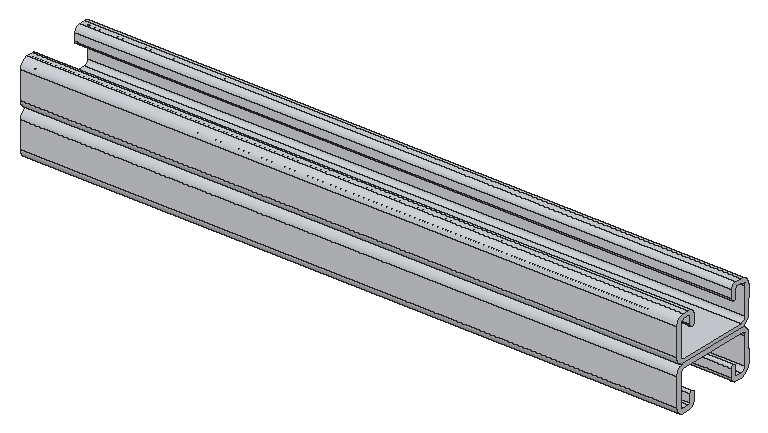
Revit family "P4101", category Specialty Equipment, Revit 2012
Parameters (values of type "P4101")
  ecoScorecard_data = ""
  ecoScorecard Product Page = ""
  Weight Per Foot = 1.97 lbf/ft
  Unit = none
  URL = "http://unistrut.us/index.php"
  Subcategory = "1 5/8\" Channels"
  Product Page URL = "http://unistrut.us/index.php?WP=cat_detail&S=S02&P=P4101"
  Power Strut Part Number = "PS 200 KO6"  # constant formula
  Part Type = "Channel"  # constant formula
  Part Number = ""
  Overall Width = 1 5/8"
  Overall Height = 1 5/8"  # constant formula
  Model = "P4101"  # constant formula
  Material = "Multiple Options - See Catalog"
  Manufacturer Toll Free Phone = "800-882-5543"  # constant formula
  Manufacturer Phone = "708-339-1610"  # constant formula
  Manufacturer Fax = "708-339-7814"  # constant formula
  Manufacturer Email = "mailto:jshaw@atkore.com"
  Manufacturer Address = "16100 South Lathrop Avenue, Harvey, IL 60426"  # constant formula
  Manufacturer = "Unistrut by Atkore International"  # constant formula
  Load Capacity Note = "Visit the product page for load application and capacity."  # constant formula
  Literature URL = "http://unistrut.us/index.php?WP=LItLibrary"
  Length [instance] = 12"
  Hole Spacing On Center Dimension = 6"
  Hole Spacing From End Dimension = 7/8"
  Gauge Thickness = "14 Gauge (.075\")"
  Description = "P4101 Channel"
  Cost Info = "mailto:questions@atkore.com"
  Construction Note = "Not Applicable"
  Category = "Specialty Equipment"  # constant formula
  CSI MasterSpec = "http://www.unistrut.us/a_files/TechRef/Unistrut_CSI_05430.pdf"
  CAD URL = "http://unistrut.us/index.php?WP=CAD3d"
  Assembly Code = "D5020100"
  Allowable Moment = 4894.5 N·m
  95 CSI = "16070"  # constant formula
  04 CSI = "26 05 48"  # constant formula
Reference planes (in)
  plane 1 "Center (Front/Back)": y = 0
  plane 2: z = 0
  plane 3 "Center (Left/Right)": x = 0
  plane 4: y = 0.8125
  plane 5: y = -0.8125
  plane 6: z = 1.625
  plane 7: x = -6
  plane 8: x = 6
Dimensions and locks (in)
  "Overall Width": plane 4 to plane 5
  equal spacing: plane 4, plane 1 "Center (Front/Back)", plane 5
  "Overall Height": plane 6 to level
  "Length": plane 7 to plane 8
  equal spacing: plane 7, plane 3 "Center (Left/Right)", plane 8
  aligned and locked: level to plane 2
  aligned and locked: plane 3 "Center (Left/Right)" to nested 1
  aligned and locked: plane 1 "Center (Front/Back)" to nested 1
Nested families (in)
  nested 1: "P4101 _" at (0, 0, 0), type "P4101 _"
Definition of nested family "P4101 _"
  Parameters (values of type "P4101 _")
    Overall Width = 1 5/8"
    Overall Height = 1 5/8"
    Length = 12"
  Reference planes (in)
    plane 1 "Center (Front/Back)": y = 0
    plane 2: z = 0
    plane 3 "Center (Left/Right)": x = 0
    plane 4: z = 1.625
    plane 5: x = 6
    plane 6: x = -6
    plane 7: y = -0.8125
    plane 8: y = 0.8125
    plane 9: z = 0.8125
  Forms (in)
    Sweep 1, solid, detail levels fine
      path origin (0, 0, 0) x (1, 0, 0) y (0, 1, 0)
        loop
          line (6, 0) -> (-6, 0)
      profile origin (0, 0, 0) x (0, -1, 0) y (0, 0, 1)
        loop
          arc (-0.6565, 0.8875) -> (-0.71378, 0.91122) -> (-0.7375, 0.9685) r 0.081
          line (-0.7375, 0.9685) -> (-0.7375, 1.469)
          arc (-0.7375, 1.469) -> (-0.71378, 1.52628) -> (-0.6565, 1.55) r 0.081
          line (-0.6565, 1.55) -> (-0.5375, 1.55)
          arc (-0.5375, 1.55) -> (-0.51982, 1.54268) -> (-0.5125, 1.525) r 0.025
          line (-0.5125, 1.525) -> (-0.5125, 1.3815)
          arc (-0.5125, 1.3815) -> (-0.475, 1.344) -> (-0.4375, 1.3815) r 0.0375
          line (-0.4375, 1.3815) -> (-0.4375, 1.525)
          arc (-0.4375, 1.525) -> (-0.46679, 1.59571) -> (-0.5375, 1.625) r 0.1
          line (-0.5375, 1.625) -> (-0.6565, 1.625)
          arc (-0.6565, 1.625) -> (-0.76681, 1.57931) -> (-0.8125, 1.469) r 0.156
          line (-0.8125, 1.469) -> (-0.8125, 0.9685)
          arc (-0.8125, 0.9685) -> (-0.76681, 0.85819) -> (-0.6565, 0.8125) r 0.156
          line (-0.6565, 0.8125) -> (0.6565, 0.8125)
          arc (0.6565, 0.8125) -> (0.76681, 0.85819) -> (0.8125, 0.9685) r 0.156
          line (0.8125, 0.9685) -> (0.8125, 1.469)
          arc (0.8125, 1.469) -> (0.76681, 1.57931) -> (0.6565, 1.625) r 0.156
          line (0.6565, 1.625) -> (0.5375, 1.625)
          arc (0.5375, 1.625) -> (0.46679, 1.59571) -> (0.4375, 1.525) r 0.1
          line (0.4375, 1.525) -> (0.4375, 1.3815)
          arc (0.4375, 1.3815) -> (0.475, 1.344) -> (0.5125, 1.3815) r 0.0375
          line (0.5125, 1.3815) -> (0.5125, 1.525)
          arc (0.5125, 1.525) -> (0.51982, 1.54268) -> (0.5375, 1.55) r 0.025
          line (0.5375, 1.55) -> (0.6565, 1.55)
          arc (0.6565, 1.55) -> (0.71378, 1.52628) -> (0.7375, 1.469) r 0.081
          line (0.7375, 1.469) -> (0.7375, 0.9685)
          arc (0.7375, 0.9685) -> (0.71378, 0.91122) -> (0.6565, 0.8875) r 0.081
          line (0.6565, 0.8875) -> (-0.6565, 0.8875)
    Sweep 2, solid, detail levels fine
      path origin (0, 0, 0) x (1, 0, 0) y (0, 1, 0)
        loop
          line (6, 0) -> (-6, 0)
      profile origin (0, 0, 0) x (0, -1, 0) y (0, 0, 1)
        loop
          line (-0.6565, 0.7375) -> (0.6565, 0.7375)
          arc (0.6565, 0.7375) -> (0.71378, 0.71378) -> (0.7375, 0.6565) r 0.081
          line (0.7375, 0.6565) -> (0.7375, 0.156)
          arc (0.7375, 0.156) -> (0.71378, 0.09872) -> (0.6565, 0.075) r 0.081
          line (0.6565, 0.075) -> (0.5375, 0.075)
          arc (0.5375, 0.075) -> (0.51982, 0.08232) -> (0.5125, 0.1) r 0.025
          line (0.5125, 0.1) -> (0.5125, 0.2435)
          arc (0.5125, 0.2435) -> (0.475, 0.281) -> (0.4375, 0.2435) r 0.0375
          line (0.4375, 0.2435) -> (0.4375, 0.1)
          arc (0.4375, 0.1) -> (0.46679, 0.02929) -> (0.5375, 0) r 0.1
          line (0.5375, 0) -> (0.6565, 0)
          arc (0.6565, 0) -> (0.76681, 0.04569) -> (0.8125, 0.156) r 0.156
          line (0.8125, 0.156) -> (0.8125, 0.6565)
          arc (0.8125, 0.6565) -> (0.76681, 0.76681) -> (0.6565, 0.8125) r 0.156
          line (0.6565, 0.8125) -> (-0.6565, 0.8125)
          arc (-0.6565, 0.8125) -> (-0.76681, 0.76681) -> (-0.8125, 0.6565) r 0.156
          line (-0.8125, 0.6565) -> (-0.8125, 0.156)
          arc (-0.8125, 0.156) -> (-0.76681, 0.04569) -> (-0.6565, 0) r 0.156
          line (-0.6565, 0) -> (-0.5375, 0)
          arc (-0.5375, 0) -> (-0.46679, 0.02929) -> (-0.4375, 0.1) r 0.1
          line (-0.4375, 0.1) -> (-0.4375, 0.2435)
          arc (-0.4375, 0.2435) -> (-0.475, 0.281) -> (-0.5125, 0.2435) r 0.0375
          line (-0.5125, 0.2435) -> (-0.5125, 0.1)
          arc (-0.5125, 0.1) -> (-0.51982, 0.08232) -> (-0.5375, 0.075) r 0.025
          line (-0.5375, 0.075) -> (-0.6565, 0.075)
          arc (-0.6565, 0.075) -> (-0.71378, 0.09872) -> (-0.7375, 0.156) r 0.081
          line (-0.7375, 0.156) -> (-0.7375, 0.6565)
          arc (-0.7375, 0.6565) -> (-0.71378, 0.71378) -> (-0.6565, 0.7375) r 0.081
    Extrusion 3, solid, detail levels coarse+medium
      sketch origin (0, 0, 0) x (1, 0, 0) y (0, 1, 0)
        loop
          line (-6, 0.8125) -> (-6, -0.8125) -> (6, -0.8125) -> (6, 0.8125) -> (-6, 0.8125)
      from 0 to 1.625
  Lines and regions (in)
    symbolic lines, style "Channel"
      curve 1: line (-6, 0.8125, 0) -> (-6, -0.8125, 0)
      curve 2: line (6, 0.8125, 0) -> (-6, 0.8125, 0)
      curve 3: line (6, 0.8125, 0) -> (6, -0.8125, 0)
      curve 4: line (6, -0.8125, 0) -> (-6, -0.8125, 0)
    symbolic lines, style "Channel", detail levels fine
      curve 5: line (-6, 0.4375, 0) -> (6, 0.4375, 0)
      curve 6: line (-6, -0.4375, 0) -> (6, -0.4375, 0)
  Dimensions and locks (in)
    equal spacing: plane 6, plane 3 "Center (Left/Right)", plane 5
    "Length": plane 6 to plane 5
    equal spacing: plane 8, plane 1 "Center (Front/Back)", plane 7
    "Overall Width": plane 8 to plane 7
    equal spacing: plane 4, plane 9, level
    "Overall Height": plane 4 to level
    aligned and locked: level to plane 2
    aligned and locked: Sweep 1 sketch curve to plane 1 "Center (Front/Back)"
    aligned and locked: Sweep 2 sketch curve to plane 1 "Center (Front/Back)"
    aligned and locked: plane 6 to Extrusion 3 sketch curve
    aligned and locked: Extrusion 3 sketch curve to plane 5
    aligned and locked: plane 8 to Extrusion 3 sketch curve
    aligned and locked: Extrusion 3 sketch curve to plane 7
    aligned and locked: plane 4 to Extrusion 3
    aligned and locked: Extrusion 3 to level
    aligned and locked: plane 5 to Extrusion 3
    aligned and locked: plane 6 to Extrusion 3
    aligned and locked: plane 6 to curve 1
    aligned and locked: plane 8 to curve 2
    aligned and locked: curve 3 to plane 5
    aligned and locked: curve 4 to plane 7
    aligned and locked: curve 5 to Sweep 1
    aligned and locked: curve 1 to curve 6
    aligned and locked: curve 6 to Sweep 1
  Automatic sketch dimensions
    Sweep 1 sketch curve to plane 5 = 0"
    Sweep 1 sketch curve to plane 6 = 0"
    Sweep 2 sketch curve to plane 5 = 0"
    Sweep 2 sketch curve to plane 6 = 0"
